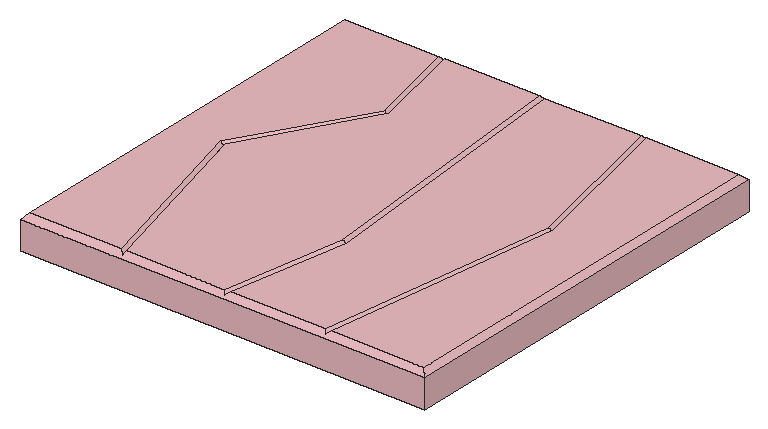
Revit family "CRACKLE 2ft x 2ft", category Specialty Equipment, Revit 2023
Family settings
  Round Connector Dimension = Use Diameter
  Part Type = Normal
  OmniClass Number = 23.35.00.00
  OmniClass Title = Covering, Cladding, and Finishes
  Work Plane-Based = Yes
  Enable Cutting in Views = Yes
  Always vertical = No
  Cut with Voids When Loaded = No
  Maintain Annotation Orientation = No
  Shared = No
  Room Calculation Point = No
Parameters (values of type "2 INCH THICK - CUSTOM PAINTED - STANDARD")
  URL = "https://www.acousticalsurfaces.com/envirocoustic-wood-wool/designs/"
  Type Comments = "Acoustic panels for vertical and horizontal surfaces"
  Thickness = 0' - 2"
  Recycled Content Percentage = "0%"
  Model = "Envirocoustic Wood Wool"
  Material = "Envirocoustic Wood Wool"
  Manufacturer = "Acoustical Surfaces, Inc."
  Fire Rating = "ASTM E84 - Class A"
  Finish = Paint - Acoustical-Surfaces - Custom Painted
  Description = "Acoustic Panels"
  Default Elevation = 0' - 0"
  Backer Thickness = 0' - 1"
  Backer = no
  Assembly Code = "C30"
  Acoustics - NRC = "Sound absorption varies from NRC 0.45 to 0.95 based on installation method used when tested per ASTM C423."
Types (27): name | Thickness | Finish | Backer Thickness | Backer
  2 INCH THICK - CUSTOM PAINTED - STANDARD | 0' - 2" | Paint - Acoustical-Surfaces - Custom Painted | 0' - 1" | no
  2 INCH THICK - PRIMED WHITE - STANDARD | 0' - 2" | Paint - Acoustical-Surfaces - Primed White | 0' - 1" | no
  2 INCH THICK - PRIMED CLEAR - STANDARD | 0' - 2" | Paint - Acoustical-Surfaces - Primed Clear | 0' - 1" | no
  2 INCH THICK - PRIMED WHITE - 2 INCH CFAB BACKER | 0' - 2" | Paint - Acoustical-Surfaces - Primed White | 0' - 2" | yes
  2 INCH THICK - PRIMED WHITE - 1 INCH CFAB BACKER | 0' - 2" | Paint - Acoustical-Surfaces - Primed White | 0' - 1" | yes
  2 INCH THICK - PRIMED CLEAR - 2 INCH CFAB BACKER | 0' - 2" | Paint - Acoustical-Surfaces - Primed Clear | 0' - 2" | yes
  2 INCH THICK - PRIMED CLEAR - 1 INCH CFAB BACKER | 0' - 2" | Paint - Acoustical-Surfaces - Primed Clear | 0' - 1" | yes
  2 INCH THICK - CUSTOM PAINTED - 2 INCH CFAB BACKER | 0' - 2" | Paint - Acoustical-Surfaces - Custom Painted | 0' - 2" | yes
  2 INCH THICK - CUSTOM PAINTED - 1 INCH CFAB BACKER | 0' - 2" | Paint - Acoustical-Surfaces - Custom Painted | 0' - 1" | yes
  1-3/8 INCH THICK - CUSTOM PAINTED - STANDARD | 0' - 1 3/8" | Paint - Acoustical-Surfaces - Custom Painted | 0' - 1" | no
  1-3/8 INCH THICK - PRIMED WHITE - STANDARD | 0' - 1 3/8" | Paint - Acoustical-Surfaces - Primed White | 0' - 1" | no
  1-3/8 INCH THICK - PRIMED CLEAR - STANDARD | 0' - 1 3/8" | Paint - Acoustical-Surfaces - Primed Clear | 0' - 1" | no
  1-3/8 INCH THICK - PRIMED WHITE - 2 INCH CFAB BACKER | 0' - 1 3/8" | Paint - Acoustical-Surfaces - Primed White | 0' - 2" | yes
  1-3/8 INCH THICK - PRIMED WHITE - 1 INCH CFAB BACKER | 0' - 1 3/8" | Paint - Acoustical-Surfaces - Primed White | 0' - 1" | yes
  1-3/8 INCH THICK - PRIMED CLEAR - 2 INCH CFAB BACKER | 0' - 1 3/8" | Paint - Acoustical-Surfaces - Primed Clear | 0' - 2" | yes
  1-3/8 INCH THICK - PRIMED CLEAR - 1 INCH CFAB BACKER | 0' - 1 3/8" | Paint - Acoustical-Surfaces - Primed Clear | 0' - 1" | yes
  1-3/8 INCH THICK - CUSTOM PAINTED - 2 INCH CFAB BACKER | 0' - 1 3/8" | Paint - Acoustical-Surfaces - Custom Painted | 0' - 2" | yes
  1-3/8 INCH THICK - CUSTOM PAINTED - 1 INCH CFAB BACKER | 0' - 1 3/8" | Paint - Acoustical-Surfaces - Custom Painted | 0' - 1" | yes
  1 INCH THICK - CUSTOM PAINTED - STANDARD | 0' - 1" | Paint - Acoustical-Surfaces - Custom Painted | 0' - 1" | no
  1 INCH THICK - PRIMED WHITE - STANDARD | 0' - 1" | Paint - Acoustical-Surfaces - Primed White | 0' - 1" | no
  1 INCH THICK - PRIMED CLEAR - STANDARD | 0' - 1" | Paint - Acoustical-Surfaces - Primed Clear | 0' - 1" | no
  1 INCH THICK - PRIMED WHITE - 2 INCH CFAB BACKER | 0' - 1" | Paint - Acoustical-Surfaces - Primed White | 0' - 2" | yes
  1 INCH THICK - PRIMED WHITE - 1 INCH CFAB BACKER | 0' - 1" | Paint - Acoustical-Surfaces - Primed White | 0' - 1" | yes
  1 INCH THICK - PRIMED CLEAR - 2 INCH CFAB BACKER | 0' - 1" | Paint - Acoustical-Surfaces - Primed Clear | 0' - 2" | yes
  1 INCH THICK - PRIMED CLEAR - 1 INCH CFAB BACKER | 0' - 1" | Paint - Acoustical-Surfaces - Primed Clear | 0' - 1" | yes
  1 INCH THICK - CUSTOM PAINTED - 2 INCH CFAB BACKER | 0' - 1" | Paint - Acoustical-Surfaces - Custom Painted | 0' - 2" | yes
  1 INCH THICK - CUSTOM PAINTED - 1 INCH CFAB BACKER | 0' - 1" | Paint - Acoustical-Surfaces - Custom Painted | 0' - 1" | yes
Reference planes (in)
  plane 1 "Center (Front/Back)": y = 0
  plane 2: z = 0
  plane 3 "Center (Left/Right)": x = 0
  plane 4: x = -12
  plane 5: x = 12
  plane 6: y = 12
  plane 7: y = -12
  plane 8: z = 2
  plane 9: z = -1
Forms (in)
  Extrusion 1, solid, material "Paint - Acoustical-Surfaces - Custom Painted" <- "Finish"
    sketch origin (0, 0, 0) x (1, 0, 0) y (0, 1, 0)
      loop
        line (12, 12) -> (-12, 12) -> (-12, -12) -> (12, -12) -> (12, 12)
    from 0 to 2
  Sweep 2, void
    path in 3D
      loop
        line (12, 12, 2) -> (-12, 12, 2) -> (-12, -12, 2) -> (12, -12, 2) -> (12, 12, 2)
    profile "Triangle : Family2" origin (12, 0, 2) x (-1, 0, 0) y (0, 0, 1)
      loop
        line (0, 0) -> (0, -0.315) -> (0.315, 0) -> (0, 0)
  Extrusion 3, solid, visible <- "Backer"
    sketch origin (0, 0, 0) x (1, 0, 0) y (0, 1, 0)
      loop
        line (12, 12) -> (-12, 12) -> (-12, -12) -> (12, -12) -> (12, 12)
    from 0 to -1
  Sweep 4, void
    path origin (0, 0, 2) x (1, 0, 0) y (0, 1, 0)
      loop
        line (-6.00002, -12) -> (-8.84503, -0.89633) -> (-4.72783, 6.1088) -> (-6.00002, 12)
    profile "Groove : Family2" origin (-5.36393, 9.0544, 2) x (-0.977468, -0.211081, 0) y (0, 0, 1)
      loop
        line (-0.1575, 0) -> (0, -0.1575) -> (0.1575, 0) -> (-0.1575, 0)
  Sweep 5, void
    path origin (0, 0, 2) x (1, 0, 0) y (0, 1, 0)
      loop
        line (0, -12) -> (1.40779, -4.63938) -> (0, 12)
    profile "Groove : Family2" origin (0.7039, 3.68031, 2) x (-0.99644, -0.084305, 0) y (0, 0, 1)
      loop
        line (-0.1575, 0) -> (0, -0.1575) -> (0.1575, 0) -> (-0.1575, 0)
  Sweep 6, void
    path origin (0, 0, 2) x (1, 0, 0) y (0, 1, 0)
      loop
        line (6.00002, -12) -> (8.10478, 2.25708) -> (6.00002, 12)
    profile "Groove : Family2" origin (7.0524, 7.12854, 2) x (-0.977452, -0.211159, 0) y (0, 0, 1)
      loop
        line (-0.1575, 0) -> (0, -0.1575) -> (0.1575, 0) -> (-0.1575, 0)
Cuts and joins
  Sweep 2, Sweep 4, Sweep 5, Sweep 6 cuts Extrusion 1
Lines and regions (in)
  sketch lines
    curve 1: line (12, -12, 2) -> (12, 12, 2)
    curve 2: line (-12, -12, 2) -> (12, -12, 2)
    curve 3: line (-12, 12, 2) -> (-12, -12, 2)
    curve 4: line (12, 12, 2) -> (-12, 12, 2)
Dimensions and locks (in)
  equal spacing: plane 4, plane 3 "Center (Left/Right)", plane 5
  equal spacing: plane 7, plane 1 "Center (Front/Back)", plane 6
  plane 7 to plane 6 = 2' - 0"
  locked: plane 4 to plane 5 at 24
  "Thickness": plane 8 to level
  "Backer Thickness": level to plane 9
  aligned and locked: level to plane 2
  aligned and locked: Extrusion 1 sketch curve to plane 4
  aligned and locked: plane 5 to Extrusion 1 sketch curve
  aligned and locked: Extrusion 1 sketch curve to plane 6
  aligned and locked: Extrusion 1 sketch curve to plane 7
  aligned and locked: Extrusion 1 to plane 8
  aligned and locked: Extrusion 3 sketch curve to plane 4
  aligned and locked: plane 5 to Extrusion 3 sketch curve
  aligned and locked: Extrusion 3 sketch curve to plane 6
  aligned and locked: Extrusion 3 sketch curve to plane 7
  aligned and locked: plane 9 to Extrusion 3
Automatic sketch dimensions
  Sweep 4 sketch curve to Extrusion 1 = 0' - 0"
  Sweep 4 sketch curve to Extrusion 1 = 0' - 7.27217"
  Sweep 4 sketch curve to Extrusion 1 = 0' - 5.8912"
  Sweep 4 sketch curve to Extrusion 1 = 0' - 6"
  Sweep 4 sketch curve to Extrusion 1 = 0' - 3.15497"
  Sweep 4 sketch curve to Sweep 4 sketch curve = 0' - 7.00513"
  Extrusion 1 to Sweep 4 sketch curve = 0' - 0"
  Sweep 4 sketch curve to Extrusion 1 = 0' - 5.99998"
  Extrusion 1 to Sweep 5 sketch curve = 0' - 0"
  Sweep 5 sketch curve to Extrusion 1 = 0' - 0"
  Sweep 5 sketch curve to Extrusion 1 = 0' - 10.59221"
  Sweep 5 sketch curve to Extrusion 1 = 0' - 7.36062"
  Sweep 5 sketch curve to Extrusion 1 = 1' - 0"
  Sweep 5 sketch curve to Sweep 5 sketch curve = 0' - 1.40779"
  Sweep 6 sketch curve to Extrusion 1 = 0' - 0"
  Extrusion 1 to Sweep 6 sketch curve = 0' - 0"
  Sweep 6 sketch curve to Extrusion 1 = 0' - 3.89522"
  Sweep 6 sketch curve to Extrusion 1 = 0' - 9.74292"
  Sweep 6 sketch curve to Extrusion 1 = 0' - 6"  (x2)
